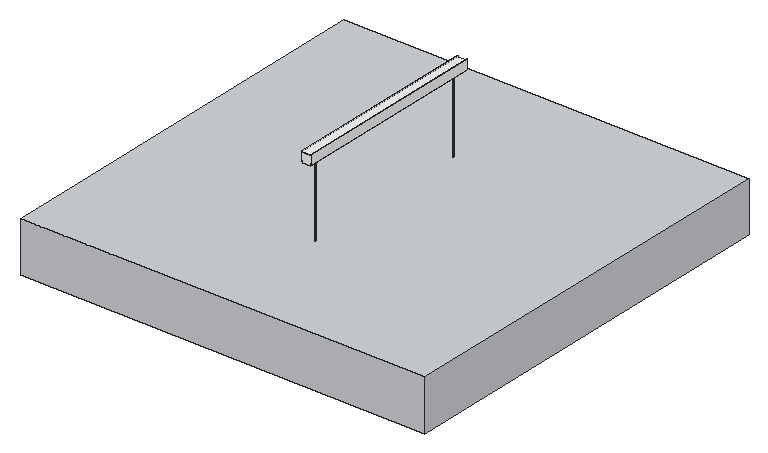
Revit family
Parameters (values of type "TECTON LED SGL 44W L1171 WB")
  Width = 60.00 mm  # constant formula
  Wattage = 29.2847 W
  built-in parameter 1150110 = 1 (stored number, unit not read)
  Voltage = 230 V
  URL = "http://www.zumtobel.com/42181303"
  Type Comments = "© Zumtobel. We reserve the right to make technical changes without prior notice."  # constant formula
  built-in parameter 1114217 = 1 (stored number, unit not read)
  Tilt Angle = -90.00°
  built-in parameter 1150109 = 1 (stored number, unit not read)
  built-in parameter 1150134 = 12
  Surface Mount [instance] = not(Suspension)  # no
  Suspension Value [instance] = if(Surface Mount, 58.56 mm, Suspension Height)  # 500.00 mm
  Suspension Material [instance] = Zumtobel_Metal_Grey
  Suspension Length [instance] = if(Suspension, Suspension Height - 58.56 mm, 500.00 mm)  # 441.44 mm
  Suspension Height [instance] = 500.00 mm
  Suspension [instance] = yes
  built-in parameter 1150113 = 1 (stored number, unit not read)
  Photometric Web File = "D31720AA_L1171_LED840_SGL.IES"
  Model = "42181303"
  Manufacturer = "Zumtobel Lighting"  # constant formula
  built-in parameter 1150105 = 2805.3 (stored number, unit not read)
  Lumens = 4350 lm
  built-in parameter 1150115 = 1 (stored number, unit not read)
  built-in parameter 1150137 = (empty or 0)
  built-in parameter 1150139 = (empty or 0)
  Length = 1171.00 mm
  built-in parameter 1150112 = 1 (stored number, unit not read)
  built-in parameter 1150114 = 1 (stored number, unit not read)
  Lamp = "LED"  # constant formula
  built-in parameter 1150132 = 2
  built-in parameter 1150102 = (empty or 0)
  built-in parameter 1150107 = 4000 (stored number, unit not read)
  built-in parameter 1150138 = (empty or 0)
  built-in parameter 1150106 = 28.053 (stored number, unit not read)
  Height = 70.00 mm  # constant formula
  Emit from Rectangle Width = Width - 4.00 mm  # 56.00 mm
  Emit from Rectangle Length = Length  # 1171.00 mm
  Emit Shape Visible in Rendering = yes
  built-in parameter 1150104 = 13.8 (stored number, unit not read)
  Dimming Lamp Color Temperature Shift = (empty or 0)
  Description = "Individual LED luminaire - Wide Beam"
  Default Elevation = 0.00 mm
  Color Filter = 16777215
  Body [instance] = Zumtobel_Metal_White
  built-in parameter 1114218 = 1 (stored number, unit not read)
  built-in parameter 1150133 = 10 (stored number, unit not read)
  Assembly Code = "D5020200"
  Apparent Load = 44 VA
Types (3, lengths in mm): name | Wattage | URL | Suspension Material | Photometric Web File | Model | built-in parameter 1150105 | Lumens | Length | built-in parameter 1150106 | Emit from Rectangle Length | Description | Apparent Load
  (no name) | 29.2847 W | "http://www.zumtobel.com/42181303" | Zumtobel_Metal_Grey | "D31720AA_L1171_LED840_SGL.IES" | "42181303" | 2805.3 (stored number, unit not read) | 4350 lm | 1171.00 | 28.053 (stored number, unit not read) | 1171.00 | "Individual LED luminaire - Wide Beam" | 44 VA
  TECTON LED SGL 44W L1171 WB | 29.2847 W | "http://www.zumtobel.com/42181303" | Zumtobel_Metal_Grey | "D31720AA_L1171_LED840_SGL.IES" | "42181303" | 2805.3 (stored number, unit not read) | 4350 lm | 1171.00 | 28.053 (stored number, unit not read) | 1171.00 | "Individual LED luminaire - Wide Beam" | 44 VA
  TECTON LED SGL 53W L1463 WB | 35.5455 W | "http://www.zumtobel.com/42181304" | Zumtobel_Metal_White | "D31720AA_L1463_LED840_SGL.IES" | "42181304" | 3405.1 (stored number, unit not read) | 5280 lm | 1463.00 | 34.051 (stored number, unit not read) | 1463.00 | "Individual LED luminaire - Narrow Beam" | 53 VA
Reference planes
  plane 1 "Center (Front/Back)": y = 0
  plane 2 "Top": z = 0
  plane 3 "Center (Left/Right)": x = 0
  plane 4 "Bottom Body": z = 500
  plane 5 "Back": y = 585.5
  plane 6 "Front": y = -585.5
  plane 7 "Fitting 1": y = 520.5
  plane 8 "Fitting 2": y = -520.5
  plane 9 "Fitting": z = 441.439
  plane 10: z = 426.439
  plane 11: z = 441.44
Forms (mm)
  Extrusion 1, solid
    sketch origin (0, 0, 0) x (1, 0, 0) y (0, 1, 0)
      loop
        line (-1219.2, 1219.2) -> (-1219.2, -1219.2) -> (1219.2, -1219.2) -> (1219.2, 1219.2) -> (-1219.2, 1219.2)
    from 0 to -304.8
  Extrusion 2, solid, material "Zumtobel_Metal_Grey" <- "Suspension Material", visible <- "Suspension", detail levels medium+fine
    sketch origin (0, 0, 400) x (-1, 0, 0) y (0, -1, 0)
      loop
        circle (0, -520.5) r 4
      loop
        circle (0, 520.5) r 3
    from 41.44 to 26.439
  Extrusion 3, solid, material "Zumtobel_Metal_Grey" <- "Suspension Material", visible <- "Suspension", detail levels medium+fine
    sketch origin (0, 0, 350) x (-1, 0, 0) y (0, -1, 0)
      loop
        circle (0, 520.5) r 1.5
      loop
        circle (0, -520.5) r 2
    from 76.439 to -350
  Extrusion 4, solid, material "Zumtobel_Metal_White" <- "Body", detail levels medium+fine
    sketch origin (413.753, -585.5, 225.817) x (-1, 0, 0) y (0, 0, -1)
      loop
        line (385.753, -274.183) -> (441.753, -274.183) -> (441.753, -279.494) -> (443.753, -279.494) -> (443.753, -223.69) -> (440.878, -223.69) -> (440.878, -226.619) -> (438.753, -226.619) -> (438.753, -215.622) -> (388.753, -215.622) -> (388.753, -226.619) -> (386.628, -226.619) -> (386.628, -223.69) -> (383.753, -223.69) -> (383.753, -279.494) -> (385.753, -279.494) -> (385.753, -274.183)
    from -1171 to 0
Lines and regions (mm)
  symbolic lines, style "Zumtobel Lighting", detail levels coarse
    curve 1: line (-28, -585.5, 441.439) -> (32, -585.5, 441.439)
    curve 2: line (-30, 585.5, 441.439) -> (30, 585.5, 441.439)
    curve 3: line (0, 585.5, 441.439) -> (0, -585.5, 441.439)
Dimensions and locks
  equal spacing: plane 6 "Front", plane 1 "Center (Front/Back)", plane 5 "Back"
  "Length": plane 6 "Front" to plane 5 "Back"
  locked: plane 5 "Back" to plane 7 "Fitting 1" at 65
  locked: plane 6 "Front" to plane 8 "Fitting 2" at 65
  locked: plane 4 "Bottom Body" to plane 9 "Fitting" at 58.561
  "Suspension Value": plane 4 "Bottom Body" to plane 2 "Top"
  "Suspension Length": plane 11 to plane 2 "Top"
  locked: plane 9 "Fitting" to plane 10 at 15
  locked: connector elem to plane 7 "Fitting 1" at 0
  aligned and locked: plane 2 "Top" to Extrusion 1
  aligned and locked: level to Extrusion 1
  aligned and locked: Extrusion 3 to plane 2 "Top"
  aligned and locked: Extrusion 2 to plane 11
  aligned and locked: plane 4 "Bottom Body" to imposter light
  aligned and locked: curve 2 to plane 5 "Back"
  aligned and locked: Extrusion 2 to plane 10
  aligned and locked: plane 10 to Extrusion 3
  aligned and locked: plane 5 "Back" to Extrusion 4
  aligned and locked: plane 6 "Front" to curve 1
  aligned and locked: plane 6 "Front" to Extrusion 4
Automatic sketch dimensions
  Extrusion 1 sketch curve to Extrusion 1 sketch curve = 2438.40 mm  (x2)
  Extrusion 2 sketch curve to plane 3 "Center (Left/Right)" = 0.00 mm  (x2)
  Extrusion 2 sketch curve to plane 7 "Fitting 1" = 0.00 mm
  Extrusion 2 sketch curve to plane 8 "Fitting 2" = 0.00 mm
  Extrusion 3 sketch curve to plane 3 "Center (Left/Right)" = 0.00 mm  (x2)
  Extrusion 3 sketch curve to plane 7 "Fitting 1" = 0.00 mm
  Extrusion 3 sketch curve to plane 8 "Fitting 2" = 0.00 mm
  Extrusion 4 sketch curve to Extrusion 4 sketch curve = 2.00 mm
  Extrusion 4 sketch curve to Extrusion 4 sketch curve = 2.875 mm  (x2)
  Extrusion 4 sketch curve to Extrusion 4 sketch curve = 2.125 mm  (x2)
  Extrusion 4 sketch curve to Extrusion 4 sketch curve = 50.00 mm
  Extrusion 4 sketch curve to Extrusion 4 sketch curve = 0.875 mm
  Extrusion 4 sketch curve to Extrusion 4 sketch curve = 8.068 mm  (x2)
  Extrusion 4 sketch curve to Extrusion 4 sketch curve = 2.929 mm  (x2)
  Extrusion 4 sketch curve to Extrusion 4 sketch curve = 47.564 mm
  Extrusion 4 sketch curve to Extrusion 4 sketch curve = 5.312 mm  (x2)
  Extrusion 4 sketch curve to plane 4 "Bottom Body" = 0.00 mm
  curve 3 to plane 3 "Center (Left/Right)" = 0.00 mm
  plane 3 "Center (Left/Right)" to curve 2 = 30.00 mm
  plane 3 "Center (Left/Right)" to curve 1 = 32.00 mm
  curve 3 to curve 1 = 28.00 mm
  curve 3 to curve 2 = 30.00 mm
  Extrusion 4 sketch curve to plane 3 "Center (Left/Right)" = 30.00 mm
  radius of Extrusion 2 sketch curve = 4.00 mm
  radius of Extrusion 2 sketch curve = 3.00 mm
  radius of Extrusion 3 sketch curve = 1.50 mm
  radius of Extrusion 3 sketch curve = 2.00 mm
Connectors
  electrical at (0, 520.5, 0), driven by "Apparent Load", driven by "Voltage"
    settings: index 1, voltage 230 V, apparent load 0 VA, apparent load phase1 44 VA, apparent load phase2 0 VA, apparent load phase3 0 VA, power factor 1, load classification "Other", number of poles 1, system type 31, power factor state 1, is connector primary yes, connector utility no, sub classification motor no, connector description ""
